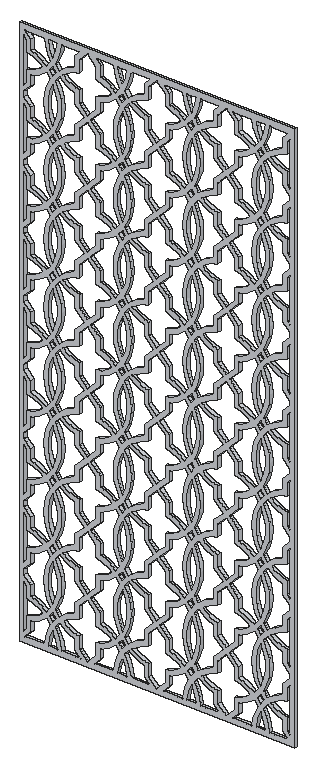
Revit family "J2 PET Felt Room Divider Arabic", category Specialty Equipment, Revit 2022 (continued)
Forms (in)
  Extrusion 1, solid, material <- "Felt Color"
    sketch origin (0, 0, 0) x (1, 0, 0) y (0, 0, 1)
      loop
        arc (17.20281, 47.50059) -> (17.51483, 47.1628) -> (17.80549, 46.80647) r 7.47519
      loop
        arc (17.80549, 39.04685) -> (18.62037, 42.26193) -> (17.80549, 45.47702) r 6.75
        arc (17.80549, 45.47702) -> (16.99062, 42.26193) -> (17.80549, 39.04685) r 6.75
      loop
        arc (18.23924, 38.34838) -> (18.57331, 37.91658) -> (18.94118, 37.5132) r 6.75
        arc (18.94118, 37.5132) -> (20.18968, 38.36018) -> (21.58281, 38.93922) r 7.47519
        line (21.58281, 38.93922) -> (21.58281, 40.63506) -> (22.80238, 41.85462) -> (22.80238, 42.66687) -> (21.58281, 43.88643) -> (21.58281, 45.58227)
        arc (21.58281, 45.58227) -> (20.18968, 46.16131) -> (18.94118, 47.00829) r 7.47519
        arc (18.94118, 47.00829) -> (18.57375, 46.60542) -> (18.24003, 46.17422) r 6.75
        arc (18.24003, 46.17422) -> (19.34556, 42.26118) -> (18.23924, 38.34838) r 7.47519
      loop
        line (-22.8, 40.7918) -> (-22.8, 33.2488) -> (-22.33212, 33.71668) -> (-22.33212, 35.65759)
        arc (-22.33212, 35.65759) -> (-20.82585, 36.17007) -> (-19.48137, 37.0209) r 6.75
        arc (-19.48137, 37.0209) -> (-20.8253, 37.87146) -> (-22.33094, 38.38396) r 6.75
        line (-22.33094, 38.38396) -> (-22.33094, 40.32274) -> (-22.8, 40.7918)
      loop
        arc (22.33569, 38.38441) -> (20.8289, 37.87194) -> (19.48398, 37.0209) r 6.75
        arc (19.48398, 37.0209) -> (20.82835, 36.17013) -> (22.3345, 35.65764) r 6.75
        line (22.3345, 35.65764) -> (22.3345, 33.71668) -> (22.80238, 33.24881) -> (22.80238, 40.78943) -> (22.33569, 40.32274) -> (22.33569, 38.38441)
      loop
        line (-14.02556, 33.40674) -> (-14.02556, 35.10258)
        arc (-14.02556, 35.10258) -> (-15.4187, 35.68162) -> (-16.6672, 36.5286) r 7.47519
        arc (-16.6672, 36.5286) -> (-17.03463, 36.12573) -> (-17.36835, 35.69453) r 6.75
        arc (-17.36835, 35.69453) -> (-16.26281, 31.78262) -> (-17.36796, 27.87059) r 7.47519
        arc (-17.36796, 27.87059) -> (-17.03441, 27.43968) -> (-16.6672, 27.03708) r 6.75
        arc (-16.6672, 27.03708) -> (-15.4187, 27.88406) -> (-14.02556, 28.4631) r 7.47519
        line (-14.02556, 28.4631) -> (-14.02556, 30.15537) -> (-12.39988, 31.78105) -> (-14.02556, 33.40674)
      loop
        line (-9.71375, 33.40437) -> (-11.33944, 31.77868) -> (-9.71375, 30.15299) -> (-9.71375, 28.46424)
        arc (-9.71375, 28.46424) -> (-8.31856, 27.885) -> (-7.06832, 27.03708) r 7.47519
        arc (-7.06832, 27.03708) -> (-6.70146, 27.43926) -> (-6.3682, 27.8697) r 6.75
        arc (-6.3682, 27.8697) -> (-7.47389, 31.78262) -> (-6.3678, 35.69542) r 7.47519
        arc (-6.3678, 35.69542) -> (-6.70124, 36.12615) -> (-7.06832, 36.5286) r 6.75
        arc (-7.06832, 36.5286) -> (-8.31856, 35.68067) -> (-9.71375, 35.10143) r 7.47519
        line (-9.71375, 35.10143) -> (-9.71375, 33.40437)
      loop
        line (-11.86669, 31.24905) -> (-13.27269, 29.84305) -> (-13.27269, 27.90829)
        arc (-13.27269, 27.90829) -> (-14.77948, 27.39581) -> (-16.1244, 26.54477) r 6.75
        arc (-16.1244, 26.54477) -> (-14.78003, 25.694) -> (-13.27387, 25.18151) r 6.75
        line (-13.27387, 25.18151) -> (-13.27387, 23.24055) -> (-11.86788, 21.83455) -> (-10.46187, 23.24056) -> (-10.46187, 25.18146)
        arc (-10.46187, 25.18146) -> (-8.9556, 25.69395) -> (-7.61112, 26.54477) r 6.75
        arc (-7.61112, 26.54477) -> (-8.95505, 27.39534) -> (-10.46069, 27.90783) r 6.75
        line (-10.46069, 27.90783) -> (-10.46069, 29.84305) -> (-11.86669, 31.24905)
      loop
        arc (-17.20021, 37.0209) -> (-17.51222, 37.35869) -> (-17.80288, 37.71502) r 7.47519
        arc (-17.80288, 37.71502) -> (-18.09354, 37.35869) -> (-18.40556, 37.0209) r 7.47519
        arc (-18.40556, 37.0209) -> (-18.09354, 36.68311) -> (-17.80288, 36.32678) r 7.47519
        arc (-17.80288, 36.32678) -> (-17.51222, 36.68311) -> (-17.20021, 37.0209) r 7.47519
      loop
        arc (-18.23742, 35.69453) -> (-18.57114, 36.12573) -> (-18.93857, 36.5286) r 6.75
        arc (-18.93857, 36.5286) -> (-20.18881, 35.68067) -> (-21.584, 35.10143) r 7.47519
        line (-21.584, 35.10143) -> (-21.584, 33.40437) -> (-22.8, 32.18837) -> (-22.8, 31.36899) -> (-21.584, 30.15299) -> (-21.584, 28.46424)
        arc (-21.584, 28.46424) -> (-20.18881, 27.885) -> (-18.93857, 27.03708) r 7.47519
        arc (-18.93857, 27.03708) -> (-18.57135, 27.43968) -> (-18.23781, 27.87059) r 6.75
        arc (-18.23781, 27.87059) -> (-19.34295, 31.78262) -> (-18.23742, 35.69453) r 7.47519
      loop
        arc (-17.80288, 34.99733) -> (-18.61776, 31.78224) -> (-17.80288, 28.56715) r 6.75
        arc (-17.80288, 28.56715) -> (-16.98801, 31.78224) -> (-17.80288, 34.99733) r 6.75
      loop
        arc (-5.93323, 36.32755) -> (-5.64284, 36.68348) -> (-5.33114, 37.0209) r 7.47519
        arc (-5.33114, 37.0209) -> (-5.64284, 37.35832) -> (-5.93323, 37.71425) r 7.47519
        arc (-5.93323, 37.71425) -> (-6.22361, 37.35832) -> (-6.53531, 37.0209) r 7.47519
        arc (-6.53531, 37.0209) -> (-6.22361, 36.68348) -> (-5.93323, 36.32755) r 7.47519
      loop
        arc (-5.93323, 28.56606) -> (-5.11776, 31.78224) -> (-5.93323, 34.99842) r 6.75
        arc (-5.93323, 34.99842) -> (-6.7487, 31.78224) -> (-5.93323, 28.56606) r 6.75
      loop
        arc (-5.49826, 27.8697) -> (-5.165, 27.43926) -> (-4.79813, 27.03708) r 6.75
        arc (-4.79813, 27.03708) -> (-3.54964, 27.88406) -> (-2.1565, 28.4631) r 7.47519
        line (-2.1565, 28.4631) -> (-2.1565, 30.15537) -> (-0.53081, 31.78105) -> (-2.1565, 33.40674) -> (-2.1565, 35.10258)
        arc (-2.1565, 35.10258) -> (-3.54964, 35.68162) -> (-4.79813, 36.5286) r 7.47519
        arc (-4.79813, 36.5286) -> (-5.16521, 36.12615) -> (-5.49865, 35.69542) r 6.75
        arc (-5.49865, 35.69542) -> (-4.39256, 31.78262) -> (-5.49826, 27.8697) r 7.47519
      loop
        line (2.15531, 33.40437) -> (0.52962, 31.77868) -> (2.15531, 30.15299) -> (2.15531, 28.46424)
        arc (2.15531, 28.46424) -> (3.5505, 27.885) -> (4.80074, 27.03708) r 7.47519
        arc (4.80074, 27.03708) -> (5.16761, 27.43926) -> (5.50087, 27.8697) r 6.75
        arc (5.50087, 27.8697) -> (4.39517, 31.78262) -> (5.50126, 35.69542) r 7.47519
        arc (5.50126, 35.69542) -> (5.16782, 36.12615) -> (4.80074, 36.5286) r 6.75
        arc (4.80074, 36.5286) -> (3.5505, 35.68067) -> (2.15531, 35.10143) r 7.47519
        line (2.15531, 35.10143) -> (2.15531, 33.40437)
      loop
        line (0.00238, 31.24905) -> (-1.40362, 29.84305) -> (-1.40362, 27.90829)
        arc (-1.40362, 27.90829) -> (-2.91042, 27.39581) -> (-4.25533, 26.54477) r 6.75
        arc (-4.25533, 26.54477) -> (-2.91096, 25.694) -> (-1.40481, 25.18151) r 6.75
        line (-1.40481, 25.18151) -> (-1.40481, 23.24055) -> (0.00119, 21.83455) -> (1.40719, 23.24056) -> (1.40719, 25.18146)
        arc (1.40719, 25.18146) -> (2.91347, 25.69395) -> (4.25794, 26.54477) r 6.75
        arc (4.25794, 26.54477) -> (2.91401, 27.39534) -> (1.40838, 27.90783) r 6.75
        line (1.40838, 27.90783) -> (1.40838, 29.84305) -> (0.00238, 31.24905)
      loop
        arc (5.93583, 36.32755) -> (6.22622, 36.68348) -> (6.53792, 37.0209) r 7.47519
        arc (6.53792, 37.0209) -> (6.22622, 37.35832) -> (5.93583, 37.71424) r 7.47519
        arc (5.93583, 37.71424) -> (5.64545, 37.35832) -> (5.33375, 37.0209) r 7.47519
        arc (5.33375, 37.0209) -> (5.64545, 36.68348) -> (5.93583, 36.32755) r 7.47519
      loop
        arc (5.93583, 28.56605) -> (6.7513, 31.78224) -> (5.93583, 34.99843) r 6.75
        arc (5.93583, 34.99843) -> (5.12037, 31.78224) -> (5.93583, 28.56605) r 6.75
      loop
        arc (6.3708, 27.8697) -> (6.70406, 27.43926) -> (7.07093, 27.03708) r 6.75
        arc (7.07093, 27.03708) -> (8.31942, 27.88406) -> (9.71256, 28.4631) r 7.47519
        line (9.71256, 28.4631) -> (9.71256, 30.15537) -> (11.33825, 31.78105) -> (9.71256, 33.40674) -> (9.71256, 35.10258)
        arc (9.71256, 35.10258) -> (8.31942, 35.68162) -> (7.07093, 36.5286) r 7.47519
        arc (7.07093, 36.5286) -> (6.70385, 36.12615) -> (6.37041, 35.69542) r 6.75
        arc (6.37041, 35.69542) -> (7.4765, 31.78262) -> (6.3708, 27.8697) r 7.47519
      loop
        line (14.02437, 33.40437) -> (12.39868, 31.77868) -> (14.02437, 30.15299) -> (14.02437, 28.46424)
        arc (14.02437, 28.46424) -> (15.41956, 27.885) -> (16.6698, 27.03708) r 7.47519
        arc (16.6698, 27.03708) -> (17.03702, 27.43968) -> (17.37057, 27.8706) r 6.75
        arc (17.37057, 27.8706) -> (16.26543, 31.78262) -> (17.37096, 35.69452) r 7.47519
        arc (17.37096, 35.69452) -> (17.03724, 36.12573) -> (16.6698, 36.5286) r 6.75
        arc (16.6698, 36.5286) -> (15.41956, 35.68067) -> (14.02437, 35.10143) r 7.47519
        line (14.02437, 35.10143) -> (14.02437, 33.40437)
      loop
        line (11.87144, 31.24905) -> (10.46544, 29.84305) -> (10.46544, 27.90829)
        arc (10.46544, 27.90829) -> (8.95864, 27.39581) -> (7.61373, 26.54477) r 6.75
        arc (7.61373, 26.54477) -> (8.9581, 25.694) -> (10.46425, 25.18151) r 6.75
        line (10.46425, 25.18151) -> (10.46425, 23.24055) -> (11.87025, 21.83455) -> (13.27625, 23.24056) -> (13.27625, 25.18146)
        arc (13.27625, 25.18146) -> (14.78253, 25.69395) -> (16.127, 26.54477) r 6.75
        arc (16.127, 26.54477) -> (14.78308, 27.39534) -> (13.27744, 27.90783) r 6.75
        line (13.27744, 27.90783) -> (13.27744, 29.84305) -> (11.87144, 31.24905)
      loop
        arc (17.80549, 36.32678) -> (18.09615, 36.68311) -> (18.40817, 37.0209) r 7.47519
        arc (18.40817, 37.0209) -> (18.09615, 37.35869) -> (17.80549, 37.71502) r 7.47519
        arc (17.80549, 37.71502) -> (17.51483, 37.35869) -> (17.20281, 37.0209) r 7.47519
        arc (17.20281, 37.0209) -> (17.51483, 36.68311) -> (17.80549, 36.32678) r 7.47519
      loop
        arc (17.80549, 28.56716) -> (18.62037, 31.78224) -> (17.80549, 34.99732) r 6.75
        arc (17.80549, 34.99732) -> (16.99062, 31.78224) -> (17.80549, 28.56716) r 6.75
      loop
        arc (18.24042, 27.8706) -> (18.57396, 27.43968) -> (18.94118, 27.03708) r 6.75
        arc (18.94118, 27.03708) -> (20.18968, 27.88406) -> (21.58281, 28.4631) r 7.47519
        line (21.58281, 28.4631) -> (21.58281, 30.15537) -> (22.80238, 31.37493) -> (22.80238, 32.18718) -> (21.58281, 33.40674) -> (21.58281, 35.10258)
        arc (21.58281, 35.10258) -> (20.18968, 35.68162) -> (18.94118, 36.5286) r 7.47519
        arc (18.94118, 36.5286) -> (18.57375, 36.12573) -> (18.24003, 35.69452) r 6.75
        arc (18.24003, 35.69452) -> (19.34556, 31.78262) -> (18.24042, 27.8706) r 7.47519
      loop
        line (-22.8, 30.31211) -> (-22.8, 22.77268) -> (-22.33212, 23.24056) -> (-22.33212, 25.18146)
        arc (-22.33212, 25.18146) -> (-20.82585, 25.69395) -> (-19.48137, 26.54477) r 6.75
        arc (-19.48137, 26.54477) -> (-20.8253, 27.39534) -> (-22.33094, 27.90783) r 6.75
        line (-22.33094, 27.90783) -> (-22.33094, 29.84305) -> (-22.8, 30.31211)
      loop
        arc (22.33569, 27.90829) -> (20.8289, 27.39581) -> (19.48398, 26.54477) r 6.75
        arc (19.48398, 26.54477) -> (20.82835, 25.694) -> (22.3345, 25.18151) r 6.75
        line (22.3345, 25.18151) -> (22.3345, 23.24055) -> (22.80238, 22.77268) -> (22.80238, 30.30973) -> (22.33569, 29.84305) -> (22.33569, 27.90829)
      loop
        line (-14.02556, 22.93062) -> (-14.02556, 24.62645)
        arc (-14.02556, 24.62645) -> (-15.4187, 25.20549) -> (-16.6672, 26.05247) r 7.47519
        arc (-16.6672, 26.05247) -> (-17.03463, 25.64961) -> (-17.36835, 25.2184) r 6.75
        arc (-17.36835, 25.2184) -> (-16.26281, 21.30612) -> (-17.36835, 17.39384) r 7.47519
        arc (-17.36835, 17.39384) -> (-17.03463, 16.96263) -> (-16.6672, 16.55977) r 6.75
        arc (-16.6672, 16.55977) -> (-15.4187, 17.40676) -> (-14.02556, 17.9858) r 7.47519
        line (-14.02556, 17.9858) -> (-14.02556, 19.67924) -> (-12.39988, 21.30493) -> (-14.02556, 22.93062)
      loop
        line (-9.71375, 22.92824) -> (-11.33944, 21.30256) -> (-9.71375, 19.67687) -> (-9.71375, 17.98694)
        arc (-9.71375, 17.98694) -> (-8.31856, 17.4077) -> (-7.06832, 16.55977) r 7.47519
        arc (-7.06832, 16.55977) -> (-6.70124, 16.96221) -> (-6.36781, 17.39294) r 6.75
        arc (-6.36781, 17.39294) -> (-7.47389, 21.30612) -> (-6.3678, 25.2193) r 7.47519
        arc (-6.3678, 25.2193) -> (-6.70124, 25.65003) -> (-7.06832, 26.05247) r 6.75
        arc (-7.06832, 26.05247) -> (-8.31856, 25.20455) -> (-9.71375, 24.62531) r 7.47519
        line (-9.71375, 24.62531) -> (-9.71375, 22.92824)
      loop
        line (-11.86669, 20.77292) -> (-13.27269, 19.36692) -> (-13.27269, 17.43099)
        arc (-13.27269, 17.43099) -> (-14.77948, 16.91851) -> (-16.1244, 16.06747) r 6.75
        arc (-16.1244, 16.06747) -> (-14.78003, 15.2167) -> (-13.27387, 14.70421) r 6.75
        line (-13.27387, 14.70421) -> (-13.27387, 12.76325) -> (-11.86788, 11.35725) -> (-10.46187, 12.76325) -> (-10.46187, 14.70416)
        arc (-10.46187, 14.70416) -> (-8.9556, 15.21665) -> (-7.61112, 16.06747) r 6.75
        arc (-7.61112, 16.06747) -> (-8.95505, 16.91803) -> (-10.46069, 17.43053) r 6.75
        line (-10.46069, 17.43053) -> (-10.46069, 19.36692) -> (-11.86669, 20.77292)
      loop
        arc (-17.20021, 26.54477) -> (-17.51222, 26.88256) -> (-17.80288, 27.2389) r 7.47519
        arc (-17.80288, 27.2389) -> (-18.09354, 26.88256) -> (-18.40556, 26.54477) r 7.47519
        arc (-18.40556, 26.54477) -> (-18.09354, 26.20699) -> (-17.80288, 25.85065) r 7.47519
        arc (-17.80288, 25.85065) -> (-17.51222, 26.20699) -> (-17.20021, 26.54477) r 7.47519
      loop
        arc (-18.23742, 25.2184) -> (-18.57114, 25.64961) -> (-18.93857, 26.05247) r 6.75
        arc (-18.93857, 26.05247) -> (-20.18881, 25.20455) -> (-21.584, 24.62531) r 7.47519
        line (-21.584, 24.62531) -> (-21.584, 22.92824) -> (-22.8, 21.71224) -> (-22.8, 20.89287) -> (-21.584, 19.67687) -> (-21.584, 17.98694)
        arc (-21.584, 17.98694) -> (-20.18881, 17.4077) -> (-18.93857, 16.55977) r 7.47519
        arc (-18.93857, 16.55977) -> (-18.57114, 16.96263) -> (-18.23742, 17.39384) r 6.75
        arc (-18.23742, 17.39384) -> (-19.34295, 21.30612) -> (-18.23742, 25.2184) r 7.47519
      loop
        arc (-17.80288, 24.5212) -> (-18.61776, 21.30612) -> (-17.80288, 18.09103) r 6.75
        arc (-17.80288, 18.09103) -> (-16.98801, 21.30612) -> (-17.80288, 24.5212) r 6.75
      loop
        arc (-5.93323, 25.85143) -> (-5.64284, 26.20735) -> (-5.33114, 26.54477) r 7.47519
        arc (-5.33114, 26.54477) -> (-5.64284, 26.88219) -> (-5.93323, 27.23812) r 7.47519
        arc (-5.93323, 27.23812) -> (-6.22361, 26.88219) -> (-6.53531, 26.54477) r 7.47519
        arc (-6.53531, 26.54477) -> (-6.22361, 26.20735) -> (-5.93323, 25.85143) r 7.47519
      loop
        arc (-5.93323, 18.08993) -> (-5.11776, 21.30612) -> (-5.93323, 24.5223) r 6.75
        arc (-5.93323, 24.5223) -> (-6.7487, 21.30612) -> (-5.93323, 18.08993) r 6.75
      loop
        arc (-5.49865, 17.39294) -> (-5.16521, 16.96221) -> (-4.79813, 16.55977) r 6.75
        arc (-4.79813, 16.55977) -> (-3.54964, 17.40676) -> (-2.1565, 17.9858) r 7.47519
        line (-2.1565, 17.9858) -> (-2.1565, 19.67924) -> (-0.53081, 21.30493) -> (-2.1565, 22.93062) -> (-2.1565, 24.62645)
        arc (-2.1565, 24.62645) -> (-3.54964, 25.20549) -> (-4.79813, 26.05247) r 7.47519
        arc (-4.79813, 26.05247) -> (-5.16521, 25.65003) -> (-5.49865, 25.2193) r 6.75
        arc (-5.49865, 25.2193) -> (-4.39256, 21.30612) -> (-5.49865, 17.39294) r 7.47519
      loop
        line (2.15531, 22.92824) -> (0.52962, 21.30256) -> (2.15531, 19.67687) -> (2.15531, 17.98694)
        arc (2.15531, 17.98694) -> (3.5505, 17.4077) -> (4.80074, 16.55977) r 7.47519
        arc (4.80074, 16.55977) -> (5.16782, 16.96221) -> (5.50125, 17.39294) r 6.75
        arc (5.50125, 17.39294) -> (4.39517, 21.30612) -> (5.50126, 25.2193) r 7.47519
        arc (5.50126, 25.2193) -> (5.16782, 25.65003) -> (4.80074, 26.05247) r 6.75
        arc (4.80074, 26.05247) -> (3.5505, 25.20455) -> (2.15531, 24.62531) r 7.47519
        line (2.15531, 24.62531) -> (2.15531, 22.92824)
      loop
        line (0.00238, 20.77292) -> (-1.40362, 19.36692) -> (-1.40362, 17.43099)
        arc (-1.40362, 17.43099) -> (-2.91042, 16.91851) -> (-4.25533, 16.06747) r 6.75
        arc (-4.25533, 16.06747) -> (-2.91096, 15.2167) -> (-1.40481, 14.70421) r 6.75
        line (-1.40481, 14.70421) -> (-1.40481, 12.76325) -> (0.00119, 11.35725) -> (1.40719, 12.76325) -> (1.40719, 14.70416)
        arc (1.40719, 14.70416) -> (2.91347, 15.21665) -> (4.25794, 16.06747) r 6.75
        arc (4.25794, 16.06747) -> (2.91401, 16.91803) -> (1.40838, 17.43053) r 6.75
        line (1.40838, 17.43053) -> (1.40838, 19.36692) -> (0.00238, 20.77292)
      loop
        arc (5.93583, 25.85143) -> (6.22622, 26.20736) -> (6.53792, 26.54477) r 7.47519
        arc (6.53792, 26.54477) -> (6.22622, 26.88219) -> (5.93583, 27.23812) r 7.47519
        arc (5.93583, 27.23812) -> (5.64545, 26.88219) -> (5.33375, 26.54477) r 7.47519
        arc (5.33375, 26.54477) -> (5.64545, 26.20736) -> (5.93583, 25.85143) r 7.47519
      loop
        arc (5.93583, 18.08993) -> (6.7513, 21.30612) -> (5.93583, 24.5223) r 6.75
        arc (5.93583, 24.5223) -> (5.12037, 21.30612) -> (5.93583, 18.08993) r 6.75
      loop
        arc (6.37042, 17.39294) -> (6.70385, 16.96221) -> (7.07093, 16.55977) r 6.75
        arc (7.07093, 16.55977) -> (8.31942, 17.40676) -> (9.71256, 17.9858) r 7.47519
        line (9.71256, 17.9858) -> (9.71256, 19.67924) -> (11.33825, 21.30493) -> (9.71256, 22.93062) -> (9.71256, 24.62645)
        arc (9.71256, 24.62645) -> (8.31942, 25.20549) -> (7.07093, 26.05247) r 7.47519
        arc (7.07093, 26.05247) -> (6.70385, 25.65003) -> (6.37041, 25.2193) r 6.75
        arc (6.37041, 25.2193) -> (7.4765, 21.30612) -> (6.37042, 17.39294) r 7.47519
      loop
        line (14.02437, 22.92824) -> (12.39868, 21.30256) -> (14.02437, 19.67687) -> (14.02437, 17.98694)
        arc (14.02437, 17.98694) -> (15.41956, 17.4077) -> (16.6698, 16.55977) r 7.47519
        arc (16.6698, 16.55977) -> (17.03724, 16.96264) -> (17.37095, 17.39384) r 6.75
        arc (17.37095, 17.39384) -> (16.26543, 21.30612) -> (17.37096, 25.2184) r 7.47519
        arc (17.37096, 25.2184) -> (17.03724, 25.64961) -> (16.6698, 26.05247) r 6.75
        arc (16.6698, 26.05247) -> (15.41956, 25.20455) -> (14.02437, 24.62531) r 7.47519
        line (14.02437, 24.62531) -> (14.02437, 22.92824)
      loop
        line (11.87144, 20.77292) -> (10.46544, 19.36692) -> (10.46544, 17.43099)
        arc (10.46544, 17.43099) -> (8.95864, 16.91851) -> (7.61373, 16.06747) r 6.75
        arc (7.61373, 16.06747) -> (8.9581, 15.2167) -> (10.46425, 14.70421) r 6.75
        line (10.46425, 14.70421) -> (10.46425, 12.76325) -> (11.87025, 11.35725) -> (13.27625, 12.76325) -> (13.27625, 14.70416)
        arc (13.27625, 14.70416) -> (14.78253, 15.21665) -> (16.127, 16.06747) r 6.75
        arc (16.127, 16.06747) -> (14.78308, 16.91803) -> (13.27744, 17.43053) r 6.75
        line (13.27744, 17.43053) -> (13.27744, 19.36692) -> (11.87144, 20.77292)
      loop
        arc (17.80549, 25.85065) -> (18.09615, 26.20699) -> (18.40817, 26.54477) r 7.47519
        arc (18.40817, 26.54477) -> (18.09615, 26.88256) -> (17.80549, 27.2389) r 7.47519
        arc (17.80549, 27.2389) -> (17.51483, 26.88256) -> (17.20281, 26.54477) r 7.47519
        arc (17.20281, 26.54477) -> (17.51483, 26.20699) -> (17.80549, 25.85065) r 7.47519
      loop
        arc (17.80549, 18.09103) -> (18.62037, 21.30612) -> (17.80549, 24.5212) r 6.75
        arc (17.80549, 24.5212) -> (16.99062, 21.30612) -> (17.80549, 18.09103) r 6.75
      loop
        arc (18.24003, 17.39384) -> (18.57375, 16.96264) -> (18.94118, 16.55977) r 6.75
        arc (18.94118, 16.55977) -> (20.18968, 17.40676) -> (21.58281, 17.9858) r 7.47519
        line (21.58281, 17.9858) -> (21.58281, 19.67924) -> (22.80238, 20.8988) -> (22.80238, 21.71105) -> (21.58281, 22.93062) -> (21.58281, 24.62645)
        arc (21.58281, 24.62645) -> (20.18968, 25.20549) -> (18.94118, 26.05247) r 7.47519
        arc (18.94118, 26.05247) -> (18.57375, 25.64961) -> (18.24003, 25.2184) r 6.75
        arc (18.24003, 25.2184) -> (19.34556, 21.30612) -> (18.24003, 17.39384) r 7.47519
      loop
        line (-22.8, 19.83599) -> (-22.8, 12.29538) -> (-22.33212, 12.76325) -> (-22.33212, 14.70416)
        arc (-22.33212, 14.70416) -> (-20.82585, 15.21665) -> (-19.48137, 16.06747) r 6.75
        arc (-19.48137, 16.06747) -> (-20.8253, 16.91803) -> (-22.33094, 17.43053) r 6.75
        line (-22.33094, 17.43053) -> (-22.33094, 19.36692) -> (-22.8, 19.83599)
      loop
        arc (22.33569, 17.43099) -> (20.8289, 16.91851) -> (19.48398, 16.06747) r 6.75
        arc (19.48398, 16.06747) -> (20.82835, 15.2167) -> (22.3345, 14.70421) r 6.75
        line (22.3345, 14.70421) -> (22.3345, 12.76325) -> (22.80238, 12.29538) -> (22.80238, 19.83361) -> (22.33569, 19.36692) -> (22.33569, 17.43099)
      loop
        line (-14.02556, 12.45331) -> (-14.02556, 14.14915)
        arc (-14.02556, 14.14915) -> (-15.4187, 14.72819) -> (-16.6672, 15.57517) r 7.47519
        arc (-16.6672, 15.57517) -> (-17.03463, 15.17231) -> (-17.36835, 14.7411) r 6.75
        arc (-17.36835, 14.7411) -> (-16.26281, 10.82732) -> (-17.36992, 6.91398) r 7.47519
        arc (-17.36992, 6.91398) -> (-17.0355, 6.4816) -> (-16.6672, 6.07771) r 6.75
        arc (-16.6672, 6.07771) -> (-15.4187, 6.92469) -> (-14.02556, 7.50373) r 7.47519
        line (-14.02556, 7.50373) -> (-14.02556, 9.20194) -> (-12.39988, 10.82763) -> (-14.02556, 12.45331)
      loop
        line (-9.71375, 12.45094) -> (-11.33944, 10.82525) -> (-9.71375, 9.19956) -> (-9.71375, 7.50487)
        arc (-9.71375, 7.50487) -> (-8.31856, 6.92563) -> (-7.06832, 6.07771) r 7.47519
        arc (-7.06832, 6.07771) -> (-6.70037, 6.48118) -> (-6.36624, 6.91308) r 6.75
        arc (-6.36624, 6.91308) -> (-7.47389, 10.82732) -> (-6.3678, 14.74199) r 7.47519
        arc (-6.3678, 14.74199) -> (-6.70124, 15.17273) -> (-7.06832, 15.57517) r 6.75
        arc (-7.06832, 15.57517) -> (-8.31856, 14.72725) -> (-9.71375, 14.148) r 7.47519
        line (-9.71375, 14.148) -> (-9.71375, 12.45094)
      loop
        line (-11.86669, 10.29562) -> (-13.27269, 8.88962) -> (-13.27269, 6.94892)
        arc (-13.27269, 6.94892) -> (-14.77948, 6.43644) -> (-16.1244, 5.5854) r 6.75
        arc (-16.1244, 5.5854) -> (-14.78003, 4.73463) -> (-13.27387, 4.22214) r 6.75
        line (-13.27387, 4.22214) -> (-13.27387, 2.28118) -> (-11.86788, 0.87518) -> (-10.46187, 2.28118) -> (-10.46187, 4.22209)
        arc (-10.46187, 4.22209) -> (-8.9556, 4.73458) -> (-7.61112, 5.5854) r 6.75
        arc (-7.61112, 5.5854) -> (-8.95505, 6.43597) -> (-10.46069, 6.94846) r 6.75
        line (-10.46069, 6.94846) -> (-10.46069, 8.88962) -> (-11.86669, 10.29562)
      loop
        arc (-17.20021, 16.06747) -> (-17.51222, 16.40526) -> (-17.80288, 16.76159) r 7.47519
        arc (-17.80288, 16.76159) -> (-18.09354, 16.40526) -> (-18.40556, 16.06747) r 7.47519
        arc (-18.40556, 16.06747) -> (-18.09354, 15.72968) -> (-17.80288, 15.37335) r 7.47519
        arc (-17.80288, 15.37335) -> (-17.51222, 15.72968) -> (-17.20021, 16.06747) r 7.47519
      loop
        arc (-18.23742, 14.7411) -> (-18.57114, 15.17231) -> (-18.93857, 15.57517) r 6.75
        arc (-18.93857, 15.57517) -> (-20.18881, 14.72725) -> (-21.584, 14.148) r 7.47519
        line (-21.584, 14.148) -> (-21.584, 12.45094) -> (-22.8, 11.23494) -> (-22.8, 10.41556) -> (-21.584, 9.19956) -> (-21.584, 7.50487)
        arc (-21.584, 7.50487) -> (-20.18881, 6.92563) -> (-18.93857, 6.07771) r 7.47519
        arc (-18.93857, 6.07771) -> (-18.57027, 6.4816) -> (-18.23585, 6.91398) r 6.75
        arc (-18.23585, 6.91398) -> (-19.34295, 10.82732) -> (-18.23742, 14.7411) r 7.47519
      loop
        arc (-17.80288, 14.0439) -> (-18.61776, 10.82881) -> (-17.80288, 7.61372) r 6.75
        arc (-17.80288, 7.61372) -> (-16.98801, 10.82881) -> (-17.80288, 14.0439) r 6.75
      loop
        arc (-5.93323, 15.37412) -> (-5.64284, 15.73005) -> (-5.33114, 16.06747) r 7.47519
        arc (-5.33114, 16.06747) -> (-5.64284, 16.40489) -> (-5.93323, 16.76082) r 7.47519
        arc (-5.93323, 16.76082) -> (-6.22361, 16.40489) -> (-6.53531, 16.06747) r 7.47519
        arc (-6.53531, 16.06747) -> (-6.22361, 15.73005) -> (-5.93323, 15.37412) r 7.47519
      loop
        arc (-5.93323, 7.61263) -> (-5.11776, 10.82881) -> (-5.93323, 14.045) r 6.75
        arc (-5.93323, 14.045) -> (-6.7487, 10.82881) -> (-5.93323, 7.61263) r 6.75
      loop
        arc (-5.50022, 6.91308) -> (-5.16608, 6.48118) -> (-4.79813, 6.07771) r 6.75
        arc (-4.79813, 6.07771) -> (-3.54964, 6.92469) -> (-2.1565, 7.50373) r 7.47519
        line (-2.1565, 7.50373) -> (-2.1565, 9.20194) -> (-0.53081, 10.82763) -> (-2.1565, 12.45331) -> (-2.1565, 14.14915)
        arc (-2.1565, 14.14915) -> (-3.54964, 14.72819) -> (-4.79813, 15.57517) r 7.47519
        arc (-4.79813, 15.57517) -> (-5.16521, 15.17273) -> (-5.49865, 14.74199) r 6.75
        arc (-5.49865, 14.74199) -> (-4.39257, 10.82732) -> (-5.50022, 6.91308) r 7.47519
      loop
        line (2.15531, 12.45094) -> (0.52962, 10.82525) -> (2.15531, 9.19956) -> (2.15531, 7.50487)
        arc (2.15531, 7.50487) -> (3.5505, 6.92563) -> (4.80074, 6.07771) r 7.47519
        arc (4.80074, 6.07771) -> (5.16869, 6.48118) -> (5.50283, 6.91308) r 6.75
        arc (5.50283, 6.91308) -> (4.39517, 10.82732) -> (5.50126, 14.742) r 7.47519
        arc (5.50126, 14.742) -> (5.16782, 15.17273) -> (4.80074, 15.57517) r 6.75
        arc (4.80074, 15.57517) -> (3.5505, 14.72725) -> (2.15531, 14.148) r 7.47519
        line (2.15531, 14.148) -> (2.15531, 12.45094)
      loop
        line (0.00238, 10.29562) -> (-1.40362, 8.88962) -> (-1.40362, 6.94892)
        arc (-1.40362, 6.94892) -> (-2.91042, 6.43644) -> (-4.25533, 5.5854) r 6.75
        arc (-4.25533, 5.5854) -> (-2.91096, 4.73463) -> (-1.40481, 4.22214) r 6.75
        line (-1.40481, 4.22214) -> (-1.40481, 2.28118) -> (0.00119, 0.87518) -> (1.40719, 2.28118) -> (1.40719, 4.22209)
        arc (1.40719, 4.22209) -> (2.91347, 4.73458) -> (4.25794, 5.5854) r 6.75
        arc (4.25794, 5.5854) -> (2.91401, 6.43597) -> (1.40838, 6.94846) r 6.75
        line (1.40838, 6.94846) -> (1.40838, 8.88962) -> (0.00238, 10.29562)
      loop
        arc (5.93583, 15.37413) -> (6.22622, 15.73005) -> (6.53792, 16.06747) r 7.47519
        arc (6.53792, 16.06747) -> (6.22622, 16.40489) -> (5.93583, 16.76082) r 7.47519
        arc (5.93583, 16.76082) -> (5.64545, 16.40489) -> (5.33375, 16.06747) r 7.47519
        arc (5.33375, 16.06747) -> (5.64545, 15.73005) -> (5.93583, 15.37413) r 7.47519
      loop
        arc (5.93583, 7.61263) -> (6.7513, 10.82881) -> (5.93583, 14.045) r 6.75
        arc (5.93583, 14.045) -> (5.12037, 10.82881) -> (5.93583, 7.61263) r 6.75
      loop
        arc (6.36884, 6.91308) -> (6.70298, 6.48118) -> (7.07093, 6.07771) r 6.75
        arc (7.07093, 6.07771) -> (8.31942, 6.92469) -> (9.71256, 7.50373) r 7.47519
        line (9.71256, 7.50373) -> (9.71256, 9.20194) -> (11.33825, 10.82763) -> (9.71256, 12.45331) -> (9.71256, 14.14915)
        arc (9.71256, 14.14915) -> (8.31942, 14.72819) -> (7.07093, 15.57517) r 7.47519
        arc (7.07093, 15.57517) -> (6.70385, 15.17273) -> (6.37041, 14.742) r 6.75
        arc (6.37041, 14.742) -> (7.4765, 10.82732) -> (6.36884, 6.91308) r 7.47519
      loop
        line (14.02437, 12.45094) -> (12.39868, 10.82525) -> (14.02437, 9.19956) -> (14.02437, 7.50487)
        arc (14.02437, 7.50487) -> (15.41956, 6.92563) -> (16.6698, 6.07771) r 7.47519
        arc (16.6698, 6.07771) -> (17.03811, 6.4816) -> (17.37253, 6.91398) r 6.75
        arc (17.37253, 6.91398) -> (16.26543, 10.82732) -> (17.37096, 14.7411) r 7.47519
        arc (17.37096, 14.7411) -> (17.03724, 15.1723) -> (16.6698, 15.57517) r 6.75
        arc (16.6698, 15.57517) -> (15.41956, 14.72725) -> (14.02437, 14.148) r 7.47519
        line (14.02437, 14.148) -> (14.02437, 12.45094)
      loop
        line (11.87144, 10.29562) -> (10.46544, 8.88962) -> (10.46544, 6.94892)
        arc (10.46544, 6.94892) -> (8.95864, 6.43644) -> (7.61373, 5.5854) r 6.75
        arc (7.61373, 5.5854) -> (8.9581, 4.73463) -> (10.46425, 4.22214) r 6.75
        line (10.46425, 4.22214) -> (10.46425, 2.28118) -> (11.87025, 0.87518) -> (13.27625, 2.28118) -> (13.27625, 4.22209)
        arc (13.27625, 4.22209) -> (14.78253, 4.73458) -> (16.127, 5.5854) r 6.75
        arc (16.127, 5.5854) -> (14.78308, 6.43597) -> (13.27744, 6.94846) r 6.75
        line (13.27744, 6.94846) -> (13.27744, 8.88962) -> (11.87144, 10.29562)
      loop
        arc (17.80549, 15.37335) -> (18.09615, 15.72968) -> (18.40817, 16.06747) r 7.47519
        arc (18.40817, 16.06747) -> (18.09615, 16.40526) -> (17.80549, 16.7616) r 7.47519
        arc (17.80549, 16.7616) -> (17.51483, 16.40526) -> (17.20281, 16.06747) r 7.47519
        arc (17.20281, 16.06747) -> (17.51483, 15.72968) -> (17.80549, 15.37335) r 7.47519
      loop
        arc (17.80549, 7.61373) -> (18.62037, 10.82881) -> (17.80549, 14.0439) r 6.75
        arc (17.80549, 14.0439) -> (16.99062, 10.82881) -> (17.80549, 7.61373) r 6.75
      loop
        arc (18.23846, 6.91398) -> (18.57288, 6.4816) -> (18.94118, 6.07771) r 6.75
        arc (18.94118, 6.07771) -> (20.18968, 6.92469) -> (21.58281, 7.50373) r 7.47519
        line (21.58281, 7.50373) -> (21.58281, 9.20194) -> (22.80238, 10.4215) -> (22.80238, 11.23375) -> (21.58281, 12.45331) -> (21.58281, 14.14915)
        arc (21.58281, 14.14915) -> (20.18968, 14.72819) -> (18.94118, 15.57517) r 7.47519
        arc (18.94118, 15.57517) -> (18.57375, 15.1723) -> (18.24003, 14.7411) r 6.75
        arc (18.24003, 14.7411) -> (19.34556, 10.82732) -> (18.23846, 6.91398) r 7.47519
      loop
        line (-22.8, 9.35869) -> (-22.8, 1.81331) -> (-22.33212, 2.28118) -> (-22.33212, 4.22209)
        arc (-22.33212, 4.22209) -> (-20.82585, 4.73458) -> (-19.48137, 5.5854) r 6.75
        arc (-19.48137, 5.5854) -> (-20.8253, 6.43597) -> (-22.33094, 6.94846) r 6.75
        line (-22.33094, 6.94846) -> (-22.33094, 8.88962) -> (-22.8, 9.35869)
      loop
        arc (22.33569, 6.94892) -> (20.8289, 6.43644) -> (19.48398, 5.5854) r 6.75
        arc (19.48398, 5.5854) -> (20.82835, 4.73463) -> (22.3345, 4.22214) r 6.75
        line (22.3345, 4.22214) -> (22.3345, 2.28118) -> (22.80238, 1.81331) -> (22.80238, 9.35631) -> (22.33569, 8.88962) -> (22.33569, 6.94892)
      loop
        line (-14.02556, 1.97124) -> (-14.02556, 3.66708)
        arc (-14.02556, 3.66708) -> (-15.4187, 4.24612) -> (-16.6672, 5.0931) r 7.47519
        arc (-16.6672, 5.0931) -> (-17.03463, 4.69024) -> (-17.36835, 4.25903) r 6.75
        arc (-17.36835, 4.25903) -> (-16.63228, 2.66776) -> (-16.2871, 0.9488) r 7.47519
        line (-16.2871, 0.9488) -> (-13.00312, 0.9488) -> (-14.02556, 1.97124)
      loop
        line (-9.71375, 1.96887) -> (-10.73382, 0.9488) -> (-7.4496, 0.9488)
        arc (-7.4496, 0.9488) -> (-7.10426, 2.66826) -> (-6.3678, 4.25992) r 7.47519
        arc (-6.3678, 4.25992) -> (-6.70124, 4.69066) -> (-7.06832, 5.0931) r 6.75
        arc (-7.06832, 5.0931) -> (-8.31856, 4.24518) -> (-9.71375, 3.66593) r 7.47519
        line (-9.71375, 3.66593) -> (-9.71375, 1.96887)
      loop
        arc (-17.20021, 5.5854) -> (-17.51222, 5.92319) -> (-17.80288, 6.27952) r 7.47519
        arc (-17.80288, 6.27952) -> (-18.09354, 5.92319) -> (-18.40556, 5.5854) r 7.47519
        arc (-18.40556, 5.5854) -> (-18.09354, 5.24761) -> (-17.80288, 4.89128) r 7.47519
        arc (-17.80288, 4.89128) -> (-17.51222, 5.24761) -> (-17.20021, 5.5854) r 7.47519
      loop
        arc (-18.23742, 4.25903) -> (-18.57114, 4.69024) -> (-18.93857, 5.0931) r 6.75
        arc (-18.93857, 5.0931) -> (-20.18881, 4.24518) -> (-21.584, 3.66593) r 7.47519
        line (-21.584, 3.66593) -> (-21.584, 1.96887) -> (-22.60407, 0.9488) -> (-19.31867, 0.9488)
        arc (-19.31867, 0.9488) -> (-18.97349, 2.66776) -> (-18.23742, 4.25903) r 7.47519
      loop
        arc (-17.80288, 3.56183) -> (-18.33031, 2.29556) -> (-18.59086, 0.9488) r 6.75
        line (-18.59086, 0.9488) -> (-17.01491, 0.9488)
        arc (-17.01491, 0.9488) -> (-17.27545, 2.29556) -> (-17.80288, 3.56183) r 6.75
      loop
        arc (-5.93323, 4.89206) -> (-5.64284, 5.24798) -> (-5.33114, 5.5854) r 7.47519
        arc (-5.33114, 5.5854) -> (-5.64284, 5.92282) -> (-5.93323, 6.27875) r 7.47519
        arc (-5.93323, 6.27875) -> (-6.22361, 5.92282) -> (-6.53531, 5.5854) r 7.47519
        arc (-6.53531, 5.5854) -> (-6.22361, 5.24798) -> (-5.93323, 4.89206) r 7.47519
      loop
        arc (-5.14466, 0.9488) -> (-5.40538, 2.29615) -> (-5.93323, 3.56293) r 6.75
        arc (-5.93323, 3.56293) -> (-6.46107, 2.29615) -> (-6.72179, 0.9488) r 6.75
        line (-6.72179, 0.9488) -> (-5.14466, 0.9488)
      loop
        line (-4.41685, 0.9488) -> (-1.13406, 0.9488) -> (-2.1565, 1.97124) -> (-2.1565, 3.66708)
        arc (-2.1565, 3.66708) -> (-3.54964, 4.24612) -> (-4.79813, 5.0931) r 7.47519
        arc (-4.79813, 5.0931) -> (-5.16521, 4.69066) -> (-5.49865, 4.25992) r 6.75
        arc (-5.49865, 4.25992) -> (-4.76219, 2.66826) -> (-4.41685, 0.9488) r 7.47519
      loop
        line (2.15531, 1.96887) -> (1.13525, 0.9488) -> (4.41946, 0.9488)
        arc (4.41946, 0.9488) -> (4.7648, 2.66826) -> (5.50126, 4.25993) r 7.47519
        arc (5.50126, 4.25993) -> (5.16782, 4.69066) -> (4.80074, 5.0931) r 6.75
        arc (4.80074, 5.0931) -> (3.5505, 4.24518) -> (2.15531, 3.66593) r 7.47519
        line (2.15531, 3.66593) -> (2.15531, 1.96887)
      loop
        arc (5.93583, 4.89206) -> (6.22622, 5.24798) -> (6.53792, 5.5854) r 7.47519
        arc (6.53792, 5.5854) -> (6.22622, 5.92282) -> (5.93583, 6.27875) r 7.47519
        arc (5.93583, 6.27875) -> (5.64545, 5.92282) -> (5.33375, 5.5854) r 7.47519
        arc (5.33375, 5.5854) -> (5.64545, 5.24798) -> (5.93583, 4.89206) r 7.47519
      loop
        arc (6.7244, 0.9488) -> (6.46368, 2.29616) -> (5.93583, 3.56293) r 6.75
        arc (5.93583, 3.56293) -> (5.40799, 2.29616) -> (5.14727, 0.9488) r 6.75
        line (5.14727, 0.9488) -> (6.7244, 0.9488)
      loop
        line (7.45221, 0.9488) -> (10.735, 0.9488) -> (9.71256, 1.97124) -> (9.71256, 3.66708)
        arc (9.71256, 3.66708) -> (8.31942, 4.24612) -> (7.07093, 5.0931) r 7.47519
        arc (7.07093, 5.0931) -> (6.70385, 4.69066) -> (6.37041, 4.25993) r 6.75
        arc (6.37041, 4.25993) -> (7.10687, 2.66826) -> (7.45221, 0.9488) r 7.47519
      loop
        line (14.02437, 1.96887) -> (13.00431, 0.9488) -> (16.28971, 0.9488)
        arc (16.28971, 0.9488) -> (16.63489, 2.66776) -> (17.37096, 4.25903) r 7.47519
        arc (17.37096, 4.25903) -> (17.03724, 4.69023) -> (16.6698, 5.0931) r 6.75
        arc (16.6698, 5.0931) -> (15.41956, 4.24518) -> (14.02437, 3.66593) r 7.47519
        line (14.02437, 3.66593) -> (14.02437, 1.96887)
      loop
        arc (17.80549, 4.89128) -> (18.09615, 5.24761) -> (18.40817, 5.5854) r 7.47519
        arc (18.40817, 5.5854) -> (18.09615, 5.92319) -> (17.80549, 6.27953) r 7.47519
        arc (17.80549, 6.27953) -> (17.51483, 5.92319) -> (17.20281, 5.5854) r 7.47519
        arc (17.20281, 5.5854) -> (17.51483, 5.24761) -> (17.80549, 4.89128) r 7.47519
      loop
        arc (18.59346, 0.9488) -> (18.33292, 2.29556) -> (17.80549, 3.56183) r 6.75
        arc (17.80549, 3.56183) -> (17.27806, 2.29556) -> (17.01752, 0.9488) r 6.75
        line (17.01752, 0.9488) -> (18.59346, 0.9488)
      loop
        line (19.32127, 0.9488) -> (22.60525, 0.9488) -> (21.58281, 1.97124) -> (21.58281, 3.66708)
        arc (21.58281, 3.66708) -> (20.18968, 4.24612) -> (18.94118, 5.0931) r 7.47519
        arc (18.94118, 5.0931) -> (18.57375, 4.69023) -> (18.24003, 4.25903) r 6.75
        arc (18.24003, 4.25903) -> (18.9761, 2.66776) -> (19.32127, 0.9488) r 7.47519
    from 0.25 to -0.25
Dimensions and locks (in)
  aligned and locked: level to plane 2
